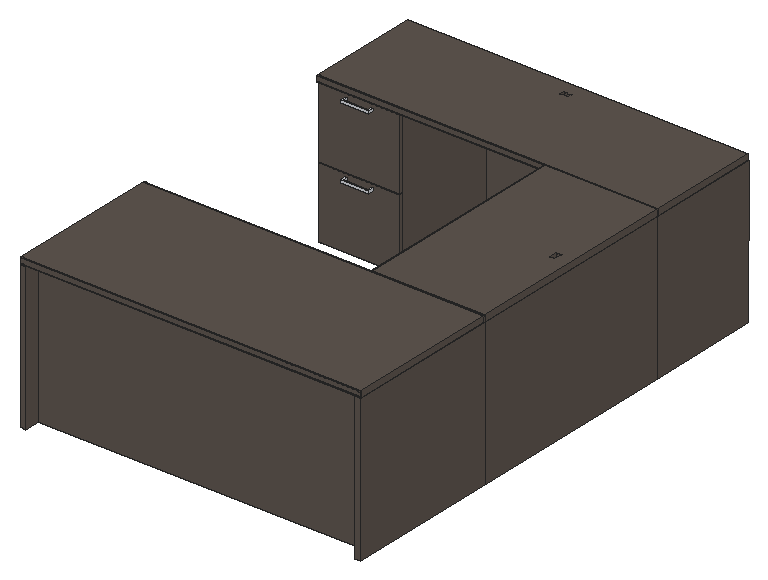
Revit family "T100292", category Furniture, Revit 2022 (continued)
Definition of nested family "OFS ELEMENT OPEN L DESK LEFT AND RIGHT 84in Width 60in Return"
  Reference planes (in)
    plane 1 "Center Front/Back": y = 0
    plane 2: z = 0
    plane 3 "Center Left/Right": x = 0
    plane 4 "Back External": y = 17.15625
    plane 5 "Right External": x = 42
    plane 6 "Front External": y = -17.15625
    plane 7 "Left External": x = -42
    plane 8 "Seat Height": z = 29.5
    plane 9 "Height": z = 45
    plane 10: x = 40.8125
    plane 11: x = -40.8125
    plane 12: y = 12.84375
    plane 13: y = 11.65625
    plane 14: y = 3.65625
    plane 15: z = 40.5
    plane 16: z = 28.5
    plane 17: z = 43.875
    plane 18: z = 39.375
    plane 19: z = 0
    plane 20: x = 39.375
    plane 21: x = 2.625
    plane 22: x = 35.5
    plane 23: z = 6.5
    plane 24: z = 34
    plane 25: y = 12.96875
    plane 26: y = -77.15625
    plane 27: x = -20
    plane 28: x = 20
    plane 29: y = -75.96875
    plane 30: x = -37
    plane 31: x = 37
    plane 32: y = -47.15625
    plane 33: x = 6.5
    plane 34: y = -18.34375
    plane 35: y = -75.21875
    plane 36: x = -40.0625
    plane 37: y = -19.09375
    plane 38: x = -28.0625
    plane 39: z = 34.125
    plane 40: z = 39.75
    plane 41: z = 34.875
    plane 42: y = -61.5625
    plane 43: y = -32.75
    plane 44: x = -28.8125
    plane 45: x = 20
    plane 46: x = 37
    plane 47: y = -19.09375
    plane 48: x = 28.0625
    plane 49: y = -61.5625
    plane 50: y = -32.75
    plane 51: x = 28.8125
    plane 52: x = -39.375
    plane 53: x = -2.625
    plane 54: x = -35.5
    plane 55: x = -6.5
  Forms (in)
    Extrusion 1, solid, material <- "Chassis Material", visible <- "Left Return Desk Option"
      sketch origin (0, 0, 0) x (1, 0, 0) y (0, 1, 0)
        loop
          line (42, 12.84375) -> (0, 12.84375) -> (0, 11.65625) -> (40.8125, 11.65625) -> (40.8125, -17.15625) -> (42, -17.15625) -> (42, 12.84375)
      from 0 to 40.5
    Extrusion 2, solid, material <- "Chassis Material", visible <- "Left Return Desk Option"
      sketch origin (0, 0, 6) x (1, 0, 0) y (0, 1, 0)
        loop
          line (0, 11.65625) -> (0, 3.65625) -> (40.8125, 3.65625) -> (40.8125, 11.65625) -> (0, 11.65625)
      from 33.375 to 34.5
    Extrusion 3, solid, material <- "Transaction Shelf Material", visible <- "Left Return Desk Option"
      sketch origin (0, 0, 6) x (1, 0, 0) y (0, 1, 0)
        loop
          line (0, 17.15625) -> (0, 3.65625) -> (42, 3.65625) -> (42, 17.15625) -> (0, 17.15625)
      from 37.875 to 39
    Extrusion 4, solid, material <- "Standoffs Material", visible <- "Left Return Desk Option"
      sketch origin (44.5, 0, 0) x (1, 0, 0) y (0, 1, 0)
        loop
          circle (-41.875, 10.04085) r 0.625
      from 40.5 to 43.875
    Extrusion 5, solid, material <- "Standoffs Material", visible <- "Left Return Desk Option"
      sketch origin (44.5, -4.75, 0) x (1, 0, 0) y (0, 1, 0)
        loop
          circle (-41.875, 10.04085) r 0.625
      from 40.5 to 43.875
    Extrusion 6, solid, material <- "Standoffs Material", visible <- "Left Return Desk Option"
      sketch origin (66.75, 0, 0) x (1, 0, 0) y (0, 1, 0)
        loop
          circle (-27.375, 10.04085) r 0.625
      from 40.5 to 43.875
    Extrusion 7, solid, material <- "Standoffs Material", visible <- "Left Return Desk Option"
      sketch origin (66.75, -4.75, 0) x (1, 0, 0) y (0, 1, 0)
        loop
          circle (-27.375, 10.04085) r 0.625
      from 40.5 to 43.875
    Extrusion 8, solid, material <- "Chassis Material", visible <- "Left Return Desk Option"
      sketch origin (0, 0, 0) x (1, 0, 0) y (0, 1, 0)
        loop
          line (-42, -17.15625) -> (-42, -77.15625) -> (-20, -77.15625) -> (-20, -75.96875) -> (-40.8125, -75.96875) -> (-40.8125, -18.34375) -> (-20, -18.34375) -> (-20, -17.15625) -> (-42, -17.15625)
      from 0 to 40.5
    Extrusion 9, solid, material <- "Worksurface Material", visible <- "Left Return Desk Option"
      sketch origin (14.83926, -32.43958, 0) x (1, 0, 0) y (0, 1, 0)
        loop
          line (-55.65176, 14.09583) -> (-55.65176, -43.52917) -> (-34.83926, -43.52917) -> (-34.83926, 14.09583) -> (-55.65176, 14.09583)
      from 28.5 to 29.5
    Extrusion 10, solid, material <- "Desk Overlay Material", visible <- "Left Desk Overlay"
      sketch origin (0, 0, 0) x (1, 0, 0) y (0, 0, 1)
        loop
          line (35.5, 34) -> (6.5, 34) -> (6.5, 6.5) -> (35.5, 6.5) -> (35.5, 34)
      from -12.96875 to -12.84375
    Extrusion 11, solid, material <- "Chassis Material", visible <- "Left Return Desk Option"
      sketch origin (-18.5848, -3.95032, 0) x (1, 0, 0) y (0, 1, 0)
        loop
          line (19.7723, 15.60657) -> (18.5848, 15.60657) -> (18.5848, 3.95032) -> (19.7723, 3.95032) -> (19.7723, 15.60657)
      from 0 to 28.5
    Extrusion 12, solid, material <- "Paper Organizer Material", visible <- "Left Return Desk Option"
      sketch origin (0, 0, 0) x (1, 0, 0) y (0, 1, 0)
        loop
          line (-28.0625, -19.09375) -> (-28.0625, -18.34375) -> (-40.8125, -18.34375) -> (-40.8125, -75.96875) -> (-28.0625, -75.96875) -> (-28.0625, -75.21875) -> (-40.0625, -75.21875) -> (-40.0625, -19.09375) -> (-28.0625, -19.09375)
      from 34.125 to 40.5
    Extrusion 13, solid, material <- "Paper Organizer Material", visible <- "Left Return Desk Option"
      sketch origin (0, 0, 0) x (1, 0, 0) y (0, 1, 0)
        loop
          line (-40.8125, -18.34375) -> (-40.8125, -75.96875) -> (-28.0625, -75.96875) -> (-28.0625, -18.34375) -> (-40.8125, -18.34375)
      from 39.75 to 40.5
    Extrusion 14, solid, material <- "Paper Organizer Material", visible <- "Left Return Desk Option"
      sketch origin (0, 0, 0) x (1, 0, 0) y (0, 1, 0)
        loop
          line (-40.8125, -18.34375) -> (-40.8125, -75.96875) -> (-28.0625, -75.96875) -> (-28.0625, -18.34375) -> (-40.8125, -18.34375)
      from 34.125 to 34.875
    Extrusion 15, solid, material <- "Paper Organizer Material", visible <- "Left Return Desk Option"
      sketch origin (0, 0, 0) x (1, 0, 0) y (0, 1, 0)
        loop
          line (-40.0625, -32.625) -> (-40.0625, -32.875) -> (-28.8125, -32.875) -> (-28.8125, -32.625) -> (-40.0625, -32.625)
      from 34.875 to 39.75
    Extrusion 16, solid, material <- "Paper Organizer Material", visible <- "Left Return Desk Option"
      sketch origin (0, -11.40625, 0) x (1, 0, 0) y (0, 1, 0)
        loop
          line (-40.0625, -35.625) -> (-40.0625, -35.875) -> (-28.8125, -35.875) -> (-28.8125, -35.625) -> (-40.0625, -35.625)
      from 34.875 to 39.75
    Extrusion 17, solid, material <- "Paper Organizer Material", visible <- "Left Return Desk Option"
      sketch origin (0, -22.8125, 0) x (1, 0, 0) y (0, 1, 0)
        loop
          line (-40.0625, -38.625) -> (-40.0625, -38.875) -> (-28.8125, -38.875) -> (-28.8125, -38.625) -> (-40.0625, -38.625)
      from 34.875 to 39.75
    Extrusion 18, solid, material <- "Chassis Material", visible <- "Right Return Desk Option"
      sketch origin (0, 0, 0) x (-1, 0, 0) y (0, -1, 0)
        loop
          line (-42, 17.15625) -> (-20, 17.15625) -> (-20, 18.34375) -> (-40.8125, 18.34375) -> (-40.8125, 75.96875) -> (-20, 75.96875) -> (-20, 77.15625) -> (-42, 77.15625) -> (-42, 17.15625)
      from 0 to 40.5
    Extrusion 19, solid, material <- "Worksurface Material", visible <- "Right Return Desk Option"
      sketch origin (-14.83926, -32.43958, 0) x (-1, 0, 0) y (0, -1, 0)
        loop
          line (-55.65176, -14.09583) -> (-34.83926, -14.09583) -> (-34.83926, 43.52917) -> (-55.65176, 43.52917) -> (-55.65176, -14.09583)
      from 28.5 to 29.5
    Extrusion 20, solid, material <- "Paper Organizer Material", visible <- "Right Return Desk Option"
      sketch origin (0, 0, 0) x (-1, 0, 0) y (0, -1, 0)
        loop
          line (-28.0625, 19.09375) -> (-40.0625, 19.09375) -> (-40.0625, 75.21875) -> (-28.0625, 75.21875) -> (-28.0625, 75.96875) -> (-40.8125, 75.96875) -> (-40.8125, 18.34375) -> (-28.0625, 18.34375) -> (-28.0625, 19.09375)
      from 34.125 to 40.5
    Extrusion 21, solid, material <- "Paper Organizer Material", visible <- "Right Return Desk Option"
      sketch origin (0, 0, 0) x (-1, 0, 0) y (0, -1, 0)
        loop
          line (-40.8125, 18.34375) -> (-28.0625, 18.34375) -> (-28.0625, 75.96875) -> (-40.8125, 75.96875) -> (-40.8125, 18.34375)
      from 39.75 to 40.5
    Extrusion 22, solid, material <- "Paper Organizer Material", visible <- "Right Return Desk Option"
      sketch origin (0, 0, 0) x (-1, 0, 0) y (0, -1, 0)
        loop
          line (-40.8125, 18.34375) -> (-28.0625, 18.34375) -> (-28.0625, 75.96875) -> (-40.8125, 75.96875) -> (-40.8125, 18.34375)
      from 34.125 to 34.875
    Extrusion 23, solid, material <- "Paper Organizer Material", visible <- "Right Return Desk Option"
      sketch origin (0, 0, 0) x (-1, 0, 0) y (0, -1, 0)
        loop
          line (-40.0625, 32.625) -> (-28.8125, 32.625) -> (-28.8125, 32.875) -> (-40.0625, 32.875) -> (-40.0625, 32.625)
      from 34.875 to 39.75
    Extrusion 24, solid, material <- "Paper Organizer Material", visible <- "Right Return Desk Option"
      sketch origin (0, -11.40625, 0) x (-1, 0, 0) y (0, -1, 0)
        loop
          line (-40.0625, 35.625) -> (-28.8125, 35.625) -> (-28.8125, 35.875) -> (-40.0625, 35.875) -> (-40.0625, 35.625)
      from 34.875 to 39.75
    Extrusion 25, solid, material <- "Paper Organizer Material", visible <- "Right Return Desk Option"
      sketch origin (0, -22.8125, 0) x (-1, 0, 0) y (0, -1, 0)
        loop
          line (-40.0625, 38.625) -> (-28.8125, 38.625) -> (-28.8125, 38.875) -> (-40.0625, 38.875) -> (-40.0625, 38.625)
      from 34.875 to 39.75
    Extrusion 26, solid, material <- "Worksurface Material", visible <- "Right Return Desk Option"
      sketch origin (0, 0, 0) x (-1, 0, 0) y (0, -1, 0)
        loop
          line (-36, -11.65625) -> (40.8125, -11.65625) -> (40.8125, 17.15625) -> (-42, 17.15625) -> (-42, -5.65625)
          arc (-42, -5.65625) -> (-40.24264, -9.89889) -> (-36, -11.65625) r 6
      from 28.5 to 29.5
    Extrusion 27, solid, material <- "Chassis Material", visible <- "Right Return Desk Option"
      sketch origin (0, 0, 0) x (-1, 0, 0) y (0, -1, 0)
        loop
          line (42, -12.84375) -> (42, 17.15625) -> (40.8125, 17.15625) -> (40.8125, -11.65625) -> (0, -11.65625) -> (0, -12.84375) -> (42, -12.84375)
      from 0 to 40.5
    Extrusion 28, solid, material <- "Transaction Shelf Material", visible <- "Right Return Desk Option"
      sketch origin (0, 0, 6) x (-1, 0, 0) y (0, -1, 0)
        loop
          line (0, -17.15625) -> (42, -17.15625) -> (42, -3.65625) -> (0, -3.65625) -> (0, -17.15625)
      from 37.875 to 39
    Extrusion 29, solid, material <- "Standoffs Material", visible <- "Right Return Desk Option"
      sketch origin (-44.5, 0, 0) x (-1, 0, 0) y (0, -1, 0)
        loop
          circle (-41.875, -10.04085) r 0.625
      from 40.5 to 43.875
    Extrusion 30, solid, material <- "Standoffs Material", visible <- "Right Return Desk Option"
      sketch origin (-44.5, -4.75, 0) x (-1, 0, 0) y (0, -1, 0)
        loop
          circle (-41.875, -10.04085) r 0.625
      from 40.5 to 43.875
    Extrusion 31, solid, material <- "Standoffs Material", visible <- "Right Return Desk Option"
      sketch origin (-66.75, 0, 0) x (-1, 0, 0) y (0, -1, 0)
        loop
          circle (-27.375, -10.04085) r 0.625
      from 40.5 to 43.875
    Extrusion 32, solid, material <- "Standoffs Material", visible <- "Right Return Desk Option"
      sketch origin (-66.75, -4.75, 0) x (-1, 0, 0) y (0, -1, 0)
        loop
          circle (-27.375, -10.04085) r 0.625
      from 40.5 to 43.875
    Extrusion 33, solid, material <- "Chassis Material", visible <- "Right Return Desk Option"
      sketch origin (18.5848, -3.95032, 0) x (-1, 0, 0) y (0, -1, 0)
        loop
          line (19.7723, -15.60657) -> (19.7723, -3.95032) -> (18.5848, -3.95032) -> (18.5848, -15.60657) -> (19.7723, -15.60657)
      from 0 to 28.5
    Extrusion 34, solid, material <- "Chassis Material", visible <- "Right Return Desk Option"
      sketch origin (0, 0, 6) x (-1, 0, 0) y (0, -1, 0)
        loop
          line (0, -11.65625) -> (40.8125, -11.65625) -> (40.8125, -3.65625) -> (0, -3.65625) -> (0, -11.65625)
      from 33.375 to 34.5
    Extrusion 35, solid, material <- "Desk Overlay Material", visible <- "Right Desk Ovelay"
      sketch origin (0, 0, 0) x (-1, 0, 0) y (0, 0, -1)
        loop
          line (35.5, -34) -> (35.5, -6.5) -> (6.5, -6.5) -> (6.5, -34) -> (35.5, -34)
      from -12.96875 to -12.84375
    Extrusion 36, solid, material <- "Worksurface Material", visible <- "Left Return Desk Option"
      sketch origin (0, 0, 0) x (1, 0, 0) y (0, 1, 0)
        loop
          arc (-36, 11.65625) -> (-40.24264, 9.89889) -> (-42, 5.65625) r 6
          line (-42, 5.65625) -> (-42, -17.15625) -> (40.8125, -17.15625) -> (40.8125, 11.65625) -> (-36, 11.65625)
      from 28.5 to 29.5
  Cuts and joins
    joined: Extrusion 12, Extrusion 13, Extrusion 14
    joined: Extrusion 20, Extrusion 21, Extrusion 22
  Dimensions and locks (in)
    equal spacing: plane 7 "Left External", plane 3 "Center Left/Right", plane 5 "Right External"
    "Width": plane 7 "Left External" to plane 5 "Right External"
    equal spacing: plane 6 "Front External", plane 1 "Center Front/Back", plane 4 "Back External"
    "Desk Depth": plane 4 "Back External" to plane 6 "Front External"
    plane 8 "Seat Height" to level = 29 1/2"
    "Height": plane 9 "Height" to level
    "Lateral Board Thickness": plane 7 "Left External" to plane 11
    "Lateral Board Thickness": plane 10 to plane 5 "Right External"
    "Base Depth": plane 12 to plane 6 "Front External"
    "Back Board Thickness": plane 12 to plane 13
    "Table Depth": plane 4 "Back External" to plane 14
    plane 15 to level = 40 1/2"
    "Bottom Board Offset": plane 19 to level
    "Table Supp from Lateral": plane 5 "Right External" to plane 20
    "Table Supp from Lateral": plane 21 to plane 3 "Center Left/Right"
    "Desk Overlay": plane 5 "Right External" to plane 22
    "Desk Overlay": plane 24 to plane 15
    "Desk Overlay": plane 19 to plane 23
    "Desk Overlay Thickness": plane 25 to plane 12
    "Depth": plane 4 "Back External" to plane 26
    "Return Worksurface Width": plane 7 "Left External" to plane 27
    "Return Worksurface Width": plane 28 to plane 5 "Right External"
    "Back Board Thickness": plane 29 to plane 26
    plane 7 "Left External" to plane 30 = 5"
    plane 31 to plane 5 "Right External" = 5"
    equal spacing: plane 34, plane 43, plane 32, plane 42, plane 29
    "Desk Overlay": plane 33 to plane 3 "Center Left/Right"
    "Back Board Thickness": plane 6 "Front External" to plane 34
    "Paper Organizer Board Thickness": plane 34 to plane 37
    "Paper Organizer Board Thickness": plane 11 to plane 36
    "Paper Organizer Board Thickness": plane 35 to plane 29
    "Paper Organizer Depth": plane 11 to plane 38
    "Paper Organizer Clearance": plane 39 to plane 8 "Seat Height"
    "Paper Organizer Board Thickness": plane 15 to plane 40
    "Paper Organizer Board Thickness": plane 41 to plane 39
    "Paper Organizer Board Thickness": plane 44 to plane 38
    "Return Worksurface Width": plane 5 "Right External" to plane 45
    plane 29 to plane 26 = 1 3/16"
    plane 5 "Right External" to plane 46 = 5"
    plane 34 to plane 50 to plane 32 to plane 49 to plane 29 = 14 13/32", 14 13/32", 14 13/32", 14 13/32"
    "Paper Organizer Board Thickness": plane 34 to plane 47
    plane 35 to plane 29 = 3/4"
    "Paper Organizer Depth": plane 10 to plane 48
    "Paper Organizer Board Thickness": plane 51 to plane 48
    "Table Supp from Lateral": plane 53 to plane 3 "Center Left/Right"
    "Table Supp from Lateral": plane 7 "Left External" to plane 52
    locked: plane 7 "Left External" to plane 54 at 6.5
    aligned and locked: level to plane 2
    aligned and locked: Extrusion 1 sketch curve to plane 12
    aligned and locked: plane 5 "Right External" to Extrusion 1 sketch curve
    aligned and locked: Extrusion 1 sketch curve to plane 13
    aligned and locked: Extrusion 1 to plane 19
    aligned and locked: Extrusion 2 to plane 18
    aligned and locked: plane 10 to Extrusion 2
    aligned and locked: Extrusion 2 to plane 13
    aligned and locked: Extrusion 2 to plane 14
    aligned and locked: Extrusion 3 to plane 14
    aligned and locked: Extrusion 3 to plane 4 "Back External"
    aligned and locked: Extrusion 3 to plane 9 "Height"
    aligned and locked: Extrusion 3 to plane 17
    aligned and locked: plane 5 "Right External" to Extrusion 3
    aligned and locked: Extrusion 8 sketch curve to plane 29
    aligned and locked: plane 27 to Extrusion 8 sketch curve
    aligned and locked: plane 26 to Extrusion 8 sketch curve
    aligned and locked: Extrusion 8 sketch curve to plane 6 "Front External"
    aligned and locked: plane 11 to Extrusion 9
    aligned and locked: Extrusion 9 to plane 27
    aligned and locked: Extrusion 9 to plane 29
    aligned and locked: Extrusion 8 to plane 19
    aligned and locked: plane 15 to Extrusion 8
    aligned and locked: Extrusion 3 to plane 3 "Center Left/Right"
    aligned and locked: Extrusion 2 to plane 3 "Center Left/Right"
    aligned and locked: Extrusion 10 to plane 33
    aligned and locked: Extrusion 10 to plane 22
    aligned and locked: Extrusion 8 sketch curve to plane 34
    aligned and locked: Extrusion 9 to Extrusion 8 sketch curve
    aligned and locked: Extrusion 9 to Extrusion 8
    aligned and locked: plane 37 to Extrusion 12 sketch curve
    aligned and locked: plane 36 to Extrusion 12 sketch curve
    aligned and locked: Extrusion 12 sketch curve to plane 35
    aligned and locked: Extrusion 12 sketch curve to Extrusion 8  (x3)
    aligned and locked: plane 38 to Extrusion 12 sketch curve  (x2)
    aligned and locked: plane 15 to Extrusion 12
    aligned and locked: Extrusion 12 to plane 39
    aligned and locked: Extrusion 13 sketch curve to Extrusion 8  (x2)
    aligned and locked: Extrusion 13 sketch curve to Extrusion 12  (x2)
    aligned and locked: Extrusion 13 to plane 40
    aligned and locked: plane 15 to Extrusion 13
    aligned and locked: Extrusion 14 sketch curve to Extrusion 8  (x2)
    aligned and locked: plane 29 to Extrusion 14 sketch curve
    aligned and locked: Extrusion 14 sketch curve to plane 38
    aligned and locked: Extrusion 14 to plane 39
    aligned and locked: plane 41 to Extrusion 14
    aligned and locked: Extrusion 15 to plane 41
    aligned and locked: Extrusion 16 to plane 41
    aligned and locked: Extrusion 17 to plane 41
    aligned and locked: plane 40 to Extrusion 15
    aligned and locked: plane 40 to Extrusion 16
    aligned and locked: plane 40 to Extrusion 17
    aligned and locked: plane 29 to Extrusion 18 sketch curve
    aligned and locked: plane 45 to Extrusion 18 sketch curve
    aligned and locked: Extrusion 18 sketch curve to plane 26
    aligned and locked: plane 45 to Extrusion 19
    aligned and locked: plane 29 to Extrusion 19
    aligned and locked: Extrusion 18 sketch curve to plane 34
    aligned and locked: Extrusion 19 to Extrusion 18 sketch curve
    aligned and locked: Extrusion 18 to Extrusion 19
    aligned and locked: Extrusion 20 sketch curve to plane 47
    aligned and locked: plane 35 to Extrusion 20 sketch curve
    aligned and locked: Extrusion 18 to Extrusion 20 sketch curve
    aligned and locked: Extrusion 20 sketch curve to Extrusion 18  (x2)
    aligned and locked: Extrusion 20 sketch curve to plane 48
    aligned and locked: plane 48 to Extrusion 20 sketch curve
    aligned and locked: Extrusion 21 sketch curve to Extrusion 18  (x2)
    aligned and locked: Extrusion 21 sketch curve to Extrusion 20  (x2)
    aligned and locked: Extrusion 22 sketch curve to Extrusion 18  (x2)
    aligned and locked: Extrusion 22 sketch curve to plane 29
    aligned and locked: plane 48 to Extrusion 22 sketch curve
    aligned and locked: Extrusion 26 to Extrusion 27 sketch curve
    aligned and locked: Extrusion 27 sketch curve to Extrusion 26
    aligned and locked: Extrusion 26 to Extrusion 33
    aligned and locked: plane 55 to Extrusion 35
    aligned and locked: plane 54 to Extrusion 35
  Automatic sketch dimensions
    Extrusion 1 sketch curve to plane 3 "Center Left/Right" = 0"
    plane 6 "Front External" to Extrusion 1 sketch curve = 0"
    Extrusion 1 sketch curve to plane 10 = 0"
    Extrusion 2 sketch curve to plane 3 "Center Left/Right" = 0"
    Extrusion 2 sketch curve to plane 10 = 0"
    Extrusion 2 sketch curve to plane 14 = 0"
    Extrusion 2 sketch curve to plane 13 = 0"
    Extrusion 3 sketch curve to plane 3 "Center Left/Right" = 0"
    Extrusion 3 sketch curve to plane 5 "Right External" = 0"
    Extrusion 3 sketch curve to plane 14 = 0"
    Extrusion 3 sketch curve to plane 4 "Back External" = 0"
    Extrusion 4 sketch curve to plane 21 = 0"
    Extrusion 4 sketch curve to plane 13 = 1.6154"
    Extrusion 5 sketch curve to plane 21 = 0"
    plane 14 to Extrusion 5 sketch curve = 1.6346"
    Extrusion 6 sketch curve to plane 20 = 0"
    Extrusion 6 sketch curve to plane 13 = 1.6154"
    Extrusion 7 sketch curve to plane 20 = 0"
    plane 14 to Extrusion 7 sketch curve = 1.6346"
    Extrusion 8 sketch curve to plane 7 "Left External" = 0"
    Extrusion 8 sketch curve to plane 11 = 0"
    Extrusion 9 sketch curve to plane 11 = 0"
    Extrusion 9 sketch curve to plane 27 = 0"
    Extrusion 9 sketch curve to plane 29 = 0"
    Extrusion 9 sketch curve to plane 34 = 0"
    Extrusion 10 sketch curve to plane 24 = 0"
    Extrusion 10 sketch curve to plane 33 = 0"
    plane 22 to Extrusion 10 sketch curve = 0"
    Extrusion 10 sketch curve to plane 23 = 0"
    Extrusion 11 sketch curve to plane 3 "Center Left/Right" = 0"
    plane 1 "Center Front/Back" to Extrusion 11 sketch curve = 0"
    Extrusion 11 sketch curve to plane 13 = 0"
    Extrusion 11 sketch curve to Extrusion 11 sketch curve = 1 3/16"
    Extrusion 12 sketch curve to plane 37 = 0"
    Extrusion 15 sketch curve to plane 36 = 0"
    Extrusion 15 sketch curve to plane 44 = 0"
    Extrusion 15 sketch curve to plane 43 = 1/8"
    plane 43 to Extrusion 15 sketch curve = 1/8"
    Extrusion 16 sketch curve to plane 36 = 0"
    Extrusion 16 sketch curve to plane 44 = 0"
    Extrusion 16 sketch curve to plane 32 = 1/8"
    plane 32 to Extrusion 16 sketch curve = 1/8"
    Extrusion 17 sketch curve to plane 36 = 0"
    Extrusion 17 sketch curve to plane 44 = 0"
    Extrusion 17 sketch curve to plane 42 = 1/8"
    plane 42 to Extrusion 17 sketch curve = 1/8"
    Extrusion 18 sketch curve to plane 5 "Right External" = 0"
    Extrusion 18 sketch curve to plane 10 = 0"
    Extrusion 18 sketch curve to plane 6 "Front External" = 0"
    Extrusion 19 sketch curve to plane 10 = 0"
    Extrusion 19 sketch curve to plane 28 = 0"
    Extrusion 19 sketch curve to plane 29 = 0"
    plane 34 to Extrusion 19 sketch curve = 0"
    plane 37 to Extrusion 20 sketch curve = 0"
    plane 20 to Extrusion 20 sketch curve = 11/16"
    Extrusion 23 sketch curve to plane 51 = 0"
    plane 43 to Extrusion 23 sketch curve = 1/8"
    Extrusion 23 sketch curve to plane 43 = 1/8"
    plane 20 to Extrusion 23 sketch curve = 11/16"
    Extrusion 24 sketch curve to plane 51 = 0"
    plane 32 to Extrusion 24 sketch curve = 1/8"
    Extrusion 24 sketch curve to plane 32 = 1/8"
    plane 20 to Extrusion 24 sketch curve = 11/16"
    Extrusion 25 sketch curve to plane 51 = 0"
    plane 42 to Extrusion 25 sketch curve = 1/8"
    Extrusion 25 sketch curve to plane 42 = 1/8"
    plane 20 to Extrusion 25 sketch curve = 11/16"
    Extrusion 26 sketch curve to plane 5 "Right External" = 0"
    Extrusion 26 sketch curve to plane 13 = 0"
    Extrusion 26 sketch curve to plane 11 = 0"
    Extrusion 26 sketch curve to plane 6 "Front External" = 0"
    plane 22 to Extrusion 26 sketch curve = 1/2"
    Extrusion 27 sketch curve to plane 3 "Center Left/Right" = 0"
    Extrusion 27 sketch curve to plane 7 "Left External" = 0"
    Extrusion 27 sketch curve to plane 13 = 0"
    Extrusion 27 sketch curve to plane 12 = 0"
    Extrusion 28 sketch curve to plane 3 "Center Left/Right" = 0"
    Extrusion 28 sketch curve to plane 7 "Left External" = 0"
    Extrusion 28 sketch curve to plane 4 "Back External" = 0"
    Extrusion 28 sketch curve to plane 14 = 0"
    Extrusion 29 sketch curve to plane 53 = 0"
    plane 13 to Extrusion 29 sketch curve = 1.6154"
    Extrusion 30 sketch curve to plane 53 = 0"
    Extrusion 30 sketch curve to plane 14 = 1.6346"
    Extrusion 31 sketch curve to plane 52 = 0"
    plane 13 to Extrusion 31 sketch curve = 1.6154"
    Extrusion 32 sketch curve to plane 52 = 0"
    Extrusion 32 sketch curve to plane 14 = 1.6346"
    Extrusion 33 sketch curve to plane 3 "Center Left/Right" = 0"
    plane 1 "Center Front/Back" to Extrusion 33 sketch curve = 0"
    Extrusion 33 sketch curve to plane 13 = 0"
    Extrusion 33 sketch curve to Extrusion 33 sketch curve = 1 3/16"
    Extrusion 34 sketch curve to plane 3 "Center Left/Right" = 0"
    Extrusion 34 sketch curve to plane 11 = 0"
    Extrusion 34 sketch curve to plane 13 = 0"
    Extrusion 34 sketch curve to plane 14 = 0"
    Extrusion 35 sketch curve to plane 24 = 0"
    plane 55 to Extrusion 35 sketch curve = 0"
    Extrusion 35 sketch curve to plane 23 = 0"
    plane 54 to Extrusion 35 sketch curve = 0"
    Extrusion 36 sketch curve to plane 7 "Left External" = 0"
    Extrusion 36 sketch curve to plane 13 = 0"
    Extrusion 36 sketch curve to plane 10 = 0"
    plane 6 "Front External" to Extrusion 36 sketch curve = 0"
    Extrusion 36 sketch curve to plane 54 = 1/2"
    radius of Extrusion 4 sketch curve = 5/8"
    radius of Extrusion 5 sketch curve = 5/8"
    radius of Extrusion 6 sketch curve = 5/8"
    radius of Extrusion 7 sketch curve = 5/8"
    radius of Extrusion 29 sketch curve = 5/8"
    radius of Extrusion 30 sketch curve = 5/8"
    radius of Extrusion 31 sketch curve = 5/8"
    radius of Extrusion 32 sketch curve = 5/8"
Types (3): name | Description
  (no name) | "OFS TYPICAL T100292"
  T200 | "OFS TYPICAL T200"
  T100292 | "OFS TYPICAL T100292"
